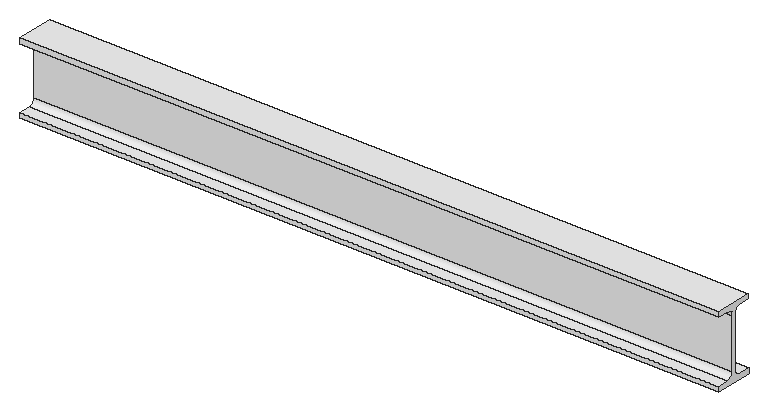
Revit family
Parameters (values of type "125x65TFB")
  Start Extension Calculation [instance] = 3012.5 mm + Start Extension  # 3000 mm
  Start Extension [instance] = -12.5 mm
  End Extension Calculation [instance] = 3012.5 mm + End Extension  # 3000 mm
  End Extension [instance] = -12.5 mm
  Beam Material [instance] = Metal - Steel - 345 MPa
  Assembly Code = ""
  Angle [instance] = 0.00°
  A = 0.002 m²
  Length [instance] = 1500 mm
  W = 0.12847
  bf = 65 mm
  d = 125 mm
  k = 18.8 mm
  kr = k - tf  # 10.3 mm
  tf = 8.5 mm
  tw = 5 mm
Reference planes
  plane 1 "Center (Front/Back)": y = 0
  plane 2: z = 0
  plane 3 "Center (Left/Right)": x = 4.61
  plane 4 "Member Left": x = -604.99
  plane 5 "Member Right": x = 614.21
  plane 6: y = 32.5
  plane 7: y = -32.5
  plane 8 "Top": z = 62.5
  plane 9: z = -62.5
  plane 10 "Left": x = -757.39
  plane 11 "Right": x = 742.61
  plane 12: x = -604.99
  plane 13: x = 614.21
  plane 14: x = 2395.01
  plane 15: x = -2385.79
Forms (mm)
  Sweep 1, solid, material "Metal - Steel - 345 MPa" <- "Beam Material", detail levels medium
    path origin (0, 0, 0) x (1, 0, 0) y (0, 1, 0)
      loop
        line (614.21, 0) -> (-604.99, 0)
    profile "M_W-Wide Flange-Profile-Medium : M_W-Wide Flange-Profile-Medium" origin (4.61, 0, 0) x (0, -1, 0) y (0, 0, 1)
      loop
        line (-32.5, -62.5) -> (32.5, -62.5) -> (32.5, -54) -> (2.5, -54) -> (2.5, 54) -> (32.5, 54) -> (32.5, 62.5) -> (-32.5, 62.5) -> (-32.5, 54) -> (-2.5, 54) -> (-2.5, -54) -> (-32.5, -54) -> (-32.5, -62.5)
  Sweep 2, solid, material "Metal - Steel - 345 MPa" <- "Beam Material", detail levels fine
    path origin (0, 0, 0) x (1, 0, 0) y (0, 1, 0)
      loop
        line (614.21, 0) -> (-604.99, 0)
    profile "M_W-Wide Flange-Profile-Fine : M_W-Wide Flange-Profile-Fine" origin (4.61, 0, 0) x (0, -1, 0) y (0, 0, 1)
      loop
        line (-32.5, -62.5) -> (32.5, -62.5) -> (32.5, -54) -> (12.8, -54)
        arc (12.8, -54) -> (5.517, -50.983) -> (2.5, -43.7) r 10.3
        line (2.5, -43.7) -> (2.5, 43.7)
        arc (2.5, 43.7) -> (5.517, 50.983) -> (12.8, 54) r 10.3
        line (12.8, 54) -> (32.5, 54) -> (32.5, 62.5) -> (-32.5, 62.5) -> (-32.5, 54) -> (-12.8, 54)
        arc (-12.8, 54) -> (-5.517, 50.983) -> (-2.5, 43.7) r 10.3
        line (-2.5, 43.7) -> (-2.5, -43.7)
        arc (-2.5, -43.7) -> (-5.517, -50.983) -> (-12.8, -54) r 10.3
        line (-12.8, -54) -> (-32.5, -54) -> (-32.5, -62.5)
Lines and regions (mm)
  symbolic lines, style "Hidden Faces", detail levels medium+fine
    curve 1: line (614.21, -2.5, 0) -> (-604.99, -2.5, 0)
    curve 2: line (614.21, 2.5, 0) -> (-604.99, 2.5, 0)
  reference lines
    curve 3: line (4.61, 0, 0) -> (4.61, 0, 15)
  symbolic lines, style "Stick Symbols", detail levels coarse
    curve 4: line (4.61, 32.5, 62.5) -> (4.61, -32.5, 62.5)
    curve 5: line (4.61, -32.5, -62.5) -> (4.61, 32.5, -62.5)
    curve 6: line (4.61, 0, 62.5) -> (4.61, 0, -62.5)
Dimensions and locks
  "bf": plane 6 to plane 7
  "d": plane 9 to plane 8 "Top"
  equal spacing: plane 9, plane 2, plane 8 "Top"
  equal spacing: plane 6, plane 1 "Center (Front/Back)", plane 7
  "Length": plane 10 "Left" to plane 11 "Right"
  "tw": curve 2 to curve 1
  equal spacing: curve 2, plane 1 "Center (Front/Back)", curve 1
  locked: plane 4 "Member Left" to plane 14 at 3000
  locked: plane 15 to plane 5 "Member Right" at 3000
  "End Extension Calculation": plane 15 to plane 13
  "Start Extension Calculation": plane 12 to plane 14
  "Angle": angle plane 1 "Center (Front/Back)" to curve 3
  aligned and locked: Sweep 1 sketch curve to plane 1 "Center (Front/Back)"
  aligned and locked: Sweep 2 sketch curve to plane 1 "Center (Front/Back)"
  aligned and locked: Sweep 2 to curve 4  (x2)
  aligned and locked: Sweep 2 to curve 5  (x2)
  aligned and locked: curve 6 to curve 3
  aligned and locked: curve 4 to Sweep 2
  aligned and locked: curve 5 to Sweep 2
  aligned and locked: plane 12 to Sweep 2 sketch curve
  aligned and locked: plane 13 to Sweep 2 sketch curve
  aligned and locked: plane 12 to Sweep 1 sketch curve
  aligned and locked: plane 13 to Sweep 1 sketch curve
  aligned and locked: plane 12 to curve 2
  aligned and locked: plane 12 to curve 1
  aligned and locked: plane 13 to curve 2
  aligned and locked: plane 13 to curve 1
  aligned and locked: plane 1 "Center (Front/Back)" to curve 3
Automatic sketch dimensions
  curve 3 to level = 0 mm
